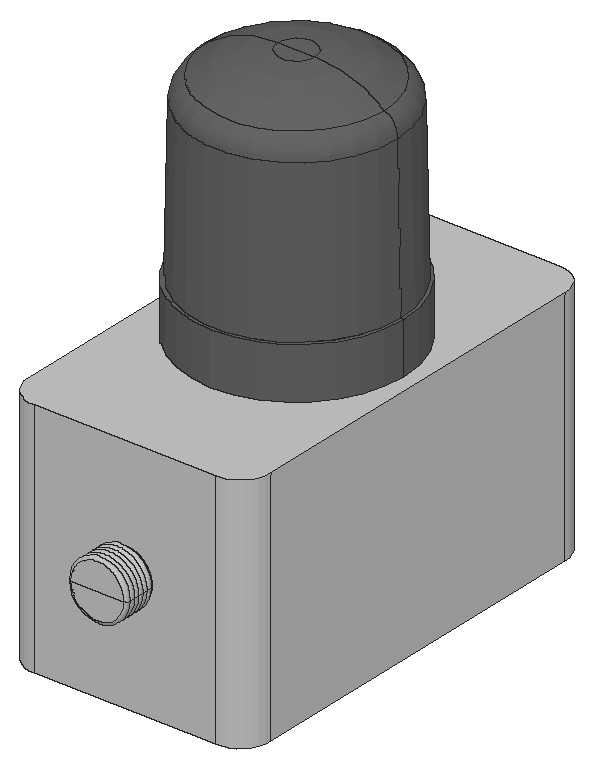
Revit family "WIR-PHOTOCELL", category Communication Devices, host Face, Revit 2014
Parameters (values of type "WIR-PHOTOCELL")
  Warranty = "5-Years Warranty"  # constant formula
  Type Comments = "wiSCAPE® External Fixture Module"  # constant formula
  Product Page URL = "https://www.hubbell.com/hubbellcontrolsolutions/en/Products/Lighting-Controls/Lighting-Controls-Sensors/wiSCAPE-Lighting-Controls/wiSCAPE-External-Photocell-Module/p/3927208"
  Product Features = "• On/Off photocell\r\n• Pre-programmed for out-of-the-box photocell operation\r\n• On/Off lighting circuit control with 0-10V full-range dimming\r\n• Bidirectional wirless RF Mesh communications\r\n• Digital input available for motion sensor or switch control\r\n• Military grade AES-128 communication encryption\r\n• Multi-level grouping and multiple scenarios\r\n• Adjustable minimum and maximum dimming levels\r\n• Commercial-grade metering\r\n• Complete integration with wiSCAPE software"  # constant formula
  Product Documentation Link = "https://hubbellcdn.com/specsheet/4515A_wiSCAPE%20Wireless%20External%20Photocell%20Module.pdf"
  URL = "https://www.hubbell.com/hubbellcontrolsolutions/en"
  Model = "WIR-PHOTOCELL Series\r"  # constant formula
  Manufacturer = "Hubbell Control Solutions"  # constant formula
  Description = "The wiSCAPE® Photocell provides On/Off lighting control based on detected light. Designed for outdoor lighting applications that require an external photocell, the wiSCAPE Photocell is a bi-directional wireless RF device that can transmit daytime and nighttime commands to a group or zone of wiSCAPE-enabled luminaires"  # constant formula
  Default Elevation = 48.00"
  Copyright = "Copyright © 2021 Hubbell Control Solutions"  # constant formula
  Contact Us = "https://www.hubbell.com/hubbellcontrolsolutions/en/contactUs"
  Housing Material = Paint - Hubbell - Carbon Black
  Certifications = "ETL/UL 916 Listed\r\nTitle 24 Listed\r\nRoHS compliant"  # constant formula
  Base = Metal-Hubbell-Galvanized_Steel
  Assembly Code = "D5090"
Reference planes (in)
  plane 1 "Center (Front/Back)": y = 13.01342
  plane 2: z = 0
  plane 3 "Center (Left/Right)": x = 0
  plane 4: x = -1.56406
  plane 5: x = 1.56406
  plane 6: y = 11.36342
  plane 7: y = 14.66342
  plane 8: z = 3.75
  plane 9: y = 16.14342
  plane 10: y = 9.88342
  plane 11: x = -1.77
  plane 12: x = 1.77
Forms (in)
  Revolve 1, solid, material "Paint - Hubbell - Carbon Black" <- "Housing Material"
    sketch origin (0, 13.01342, 0) x (1, 0, 0) y (0, 0, 1)
      loop
        line (0, 0.00805) -> (1.56406, 0.00805) -> (1.56406, 0.75805) -> (1.51079, 0.75805) -> (1.47029, 3.07846)
        arc (1.47029, 3.07846) -> (1.41806, 3.25928) -> (1.2819, 3.38923) r 0.36098
        arc (1.2819, 3.38923) -> (0.80153, 3.63835) -> (0.26833, 3.73059) r 1.76897
        line (0.26833, 3.73059) -> (0, 3.73059) -> (0, 0.00805)
      axis (0, 3.73059) -> (0, 0.00805)
    angle from 0 to 360
  Extrusion 2, solid, material "Metal-Hubbell-Galvanized_Steel" <- "Base"
    sketch origin (0, 0, 0) x (1, 0, 0) y (0, 1, 0)
      loop
        line (-1.32, 9.88342) -> (1.32, 9.88342)
        arc (1.32, 9.88342) -> (1.6382, 10.01522) -> (1.77, 10.33342) r 0.45
        line (1.77, 10.33342) -> (1.77, 15.69342)
        arc (1.77, 15.69342) -> (1.6382, 16.01162) -> (1.32, 16.14342) r 0.45
        line (1.32, 16.14342) -> (-1.32, 16.14342)
        arc (-1.32, 16.14342) -> (-1.6382, 16.01162) -> (-1.77, 15.69342) r 0.45
        line (-1.77, 15.69342) -> (-1.77, 10.33342)
        arc (-1.77, 10.33342) -> (-1.6382, 10.01522) -> (-1.32, 9.88342) r 0.45
    from -3.50189 to 0
  Revolve 3, solid, material "Metal-Hubbell-Galvanized_Steel" <- "Base"
    sketch origin (0, 0, -1.75) x (1, 0, 0) y (0, 1, 0)
      loop
        line (0, 9.90799) -> (0, 9.38342) -> (0.38838, 9.38342)
        arc (0.38838, 9.38342) -> (0.42694, 9.42198) -> (0.38838, 9.46053) r 0.03856
        arc (0.38838, 9.46053) -> (0.42694, 9.49909) -> (0.38838, 9.53765) r 0.03856
        arc (0.38838, 9.53765) -> (0.42694, 9.57621) -> (0.38838, 9.61476) r 0.03856
        arc (0.38838, 9.61476) -> (0.42694, 9.65332) -> (0.38838, 9.69188) r 0.03856
        arc (0.38838, 9.69188) -> (0.42694, 9.73044) -> (0.38838, 9.76899) r 0.03856
        arc (0.38838, 9.76899) -> (0.42694, 9.80755) -> (0.38838, 9.84611) r 0.03856
        line (0.38838, 9.84611) -> (0.38838, 9.90799) -> (0, 9.90799)
      axis (0, 9.90799) -> (0, 9.38342)
    angle from 0 to 360
Dimensions and locks (in)
  plane 5 to plane 4 = 3.12813"
  equal spacing: plane 5, plane 3 "Center (Left/Right)", plane 4
  aligned and locked: plane 2 to host face
  aligned and locked: level to host face
Automatic sketch dimensions
  host sketch curve to host sketch curve = 96.00"  (x2)
  Revolve 1 sketch curve to plane 3 "Center (Left/Right)" = 0.00"  (x2)
  Revolve 1 sketch curve to plane 5 = 0.00"
  plane 3 "Center (Left/Right)" to Revolve 1 sketch curve = 0.23693"
  plane 8 to Revolve 1 sketch curve = 0.01941"
  plane 3 "Center (Left/Right)" to Revolve 1 sketch curve = 0.26833"
  Revolve 1 sketch curve to plane 5 = 0.4547"
  Revolve 1 sketch curve to plane 5 = 0.09378"
  Revolve 1 sketch curve to plane 5 = 0.05327"
  plane 8 to Revolve 1 sketch curve = 0.67154"
  Revolve 1 sketch curve to Revolve 1 sketch curve = 0.0063"
  Revolve 1 sketch curve to Revolve 1 sketch curve = 1.11027"
  level to Revolve 1 sketch curve = 0.75805"
  level to Revolve 1 sketch curve = 0.00805"
  Revolve 1 sketch curve to level = 24.00"
  Revolve 1 sketch curve to plane 8 = 51.77668"
  Extrusion 2 sketch curve to plane 11 = 0.00"
  plane 9 to Extrusion 2 sketch curve = 0.00"
  plane 10 to Extrusion 2 sketch curve = 0.00"
  Extrusion 2 sketch curve to plane 12 = 0.00"
  plane 4 to Extrusion 2 sketch curve = 0.24406"  (x2)
  Extrusion 2 sketch curve to plane 5 = 0.24406"  (x2)
  Revolve 3 sketch curve to plane 3 "Center (Left/Right)" = 0.00"  (x2)
  plane 3 "Center (Left/Right)" to Revolve 3 sketch curve = 0.38838"
  Revolve 3 sketch curve to Revolve 3 sketch curve = 0.00"  (x9)
  plane 10 to Revolve 3 sketch curve = 0.50"
  Revolve 3 sketch curve to Revolve 3 sketch curve = 0.03856"  (x2)
  Revolve 3 sketch curve to Revolve 3 sketch curve = 0.07711"  (x3)
  plane 10 to Revolve 3 sketch curve = 0.07587"
  plane 10 to Revolve 3 sketch curve = 0.03731"
  Revolve 3 sketch curve to plane 10 = 0.02457"
  Revolve 3 sketch curve to Revolve 3 sketch curve = 2.24"
  Revolve 3 sketch curve to plane 9 = 3.50"
Connectors (in)
  electrical at (0, 13.01342, 0.00805)
    settings: on Revolve 1, index 1, voltage 0 V, apparent load 0 VA, apparent load phase1 0 VA, apparent load phase2 0 VA, apparent load phase3 0 VA, power factor 1, load classification "Other", number of poles 1, system type 13, power factor state 1, is connector primary yes, connector utility no, sub classification motor no, connector description ""
